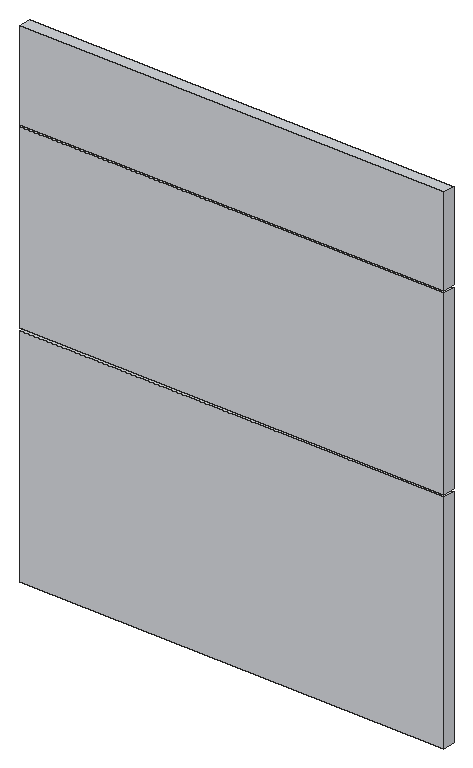
Revit family "Front - 3 Drawers", category Casework, Revit 2021
Family settings
  Work Plane-Based = No
  Always vertical = Yes
  Cut with Voids When Loaded = No
  Shared = No
  Room Calculation Point = No
Parameters (values of type "Front - 3 Drawers")
  Width = 600 mm
  Swing = yes
  Height = 704 mm
  Front Finish = none
  Depth = 16 mm
  Default Elevation = 0 mm
  Creator Organization [instance] = "© Danish Educational Content"  # constant formula
  Creator Name [instance] = "© Erik Falck Jørgensen"  # constant formula
  Creator Build [instance] = "2018.0420.0"  # constant formula
  Assembly Code = ""
Reference planes
  plane 1 "Front": y = 0
  plane 2: z = 0
  plane 3 "Center (Left/Right)": x = 0
  plane 4: x = -300
  plane 5: x = 300
  plane 6: z = 704
  plane 7: z = 576
  plane 8: z = 320
  plane 9: z = 576
  plane 10: z = 320
Forms (mm)
  Extrusion 1, solid, material <- "Front Finish"
    sketch origin (0, 0, 0) x (1, 0, 0) y (0, 0, 1)
      loop
        line (-297, 701) -> (-297, 3) -> (297, 3) -> (297, 701) -> (-297, 701)
    from 0 to 16 <- "Depth"
  Extrusion 2, void
    sketch origin (0, 0, 0) x (0, 1, 0) y (0, 0, 1)
      loop
        line (0, 577.5) -> (-16, 577.5) -> (-16, 574.5) -> (0, 574.5) -> (0, 577.5)
    from -300 to 300
  Extrusion 3, void
    sketch origin (0, 0, -256) x (0, 1, 0) y (0, 0, 1)
      loop
        line (0, 577.5) -> (-16, 577.5) -> (-16, 574.5) -> (0, 574.5) -> (0, 577.5)
    from -300 to 300
Cuts and joins
  Extrusion 2, Extrusion 3 cuts Extrusion 1
Lines and regions (mm)
  symbolic lines, style "Elevation Swing", visible <- "Swing"
    curve 1: line (-279.787, -35.011, 0) -> (279.787, -35.011, 0)
    curve 2: line (-259.597, -69.981, 0) -> (259.597, -69.981, 0)
    curve 3: line (-239.407, -104.951, 0) -> (239.407, -104.951, 0)
  symbolic lines, style "InvisibleLines"
    curve 4: line (-300, 0, 0) -> (-199.009, -174.921, 0)
    curve 5: line (300, 0, 0) -> (199.009, -174.921, 0)
  reference lines
    curve 6: line (-300, 0, 0) -> (-100, -346.41, 0)
    curve 7: line (300, 0, 0) -> (102.5, -342.08, 0)
Dimensions and locks
  equal spacing: plane 4, plane 3 "Center (Left/Right)", plane 5
  "Width": plane 4 to plane 5
  "Height": plane 6 to plane 2
  locked: Extrusion 1 sketch curve to plane 2 at 3
  locked: plane 6 to Extrusion 1 sketch curve at 3
  locked: Extrusion 1 sketch curve to plane 4 at 3
  locked: plane 5 to Extrusion 1 sketch curve at 3
  plane 6 to plane 7 to plane 8 to plane 2 = 128 mm, 256 mm, 320 mm
  equal spacing: Extrusion 2 sketch curve, plane 9, Extrusion 2 sketch curve
  locked: Extrusion 2 sketch curve to Extrusion 2 sketch curve at 3
  equal spacing: Extrusion 3 sketch curve, plane 10, Extrusion 3 sketch curve
  locked: Extrusion 3 sketch curve to Extrusion 3 sketch curve at 3
  curve 3 to curve 2 to curve 1 to plane 1 "Front" = 34.97 mm locked, 34.97 mm locked, 35.011 mm locked
  locked: plane 4 to curve 6 (angle 30.00°)
  locked: curve 7 to plane 5 (angle 30.00°)
  aligned and locked: level to plane 2
  aligned and locked: Extrusion 2 sketch curve to Extrusion 1  (x2)
  aligned and locked: plane 7 to plane 9
  aligned and locked: plane 8 to plane 10
  aligned and locked: cut or joined group of Extrusion 1, Extrusion 2, Extrusion 3 to plane 4  (x2)
  aligned: cut or joined group of Extrusion 1, Extrusion 2, Extrusion 3 to plane 4  (x2)
  aligned: plane 5 to cut or joined group of Extrusion 1, Extrusion 2, Extrusion 3  (x2)
  aligned and locked: plane 5 to cut or joined group of Extrusion 1, Extrusion 2, Extrusion 3  (x2)
  aligned and locked: curve 7 to curve 5
  aligned and locked: curve 4 to curve 6
Automatic sketch dimensions
  Extrusion 3 sketch curve to plane 1 "Front" = 0 mm
  Extrusion 3 sketch curve to Extrusion 3 sketch curve = 16 mm
  plane 1 "Front" to curve 6 = 0 mm
  curve 6 to plane 4 = 0 mm
  plane 1 "Front" to curve 7 = 0 mm
  curve 7 to plane 5 = 0 mm
  plane 1 "Front" to curve 4 = 0 mm
  plane 1 "Front" to curve 5 = 0 mm
  curve 3 to curve 4 = 40.397 mm
  curve 5 to curve 3 = 40.397 mm
